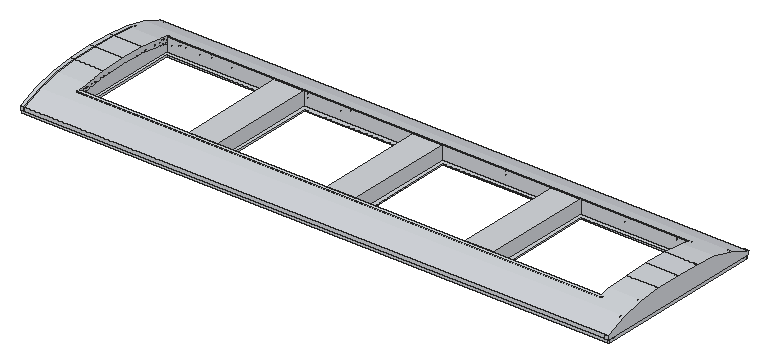
Revit family "Gira_0214766", category Electrical Fixtures, host Face, Revit 2017
Family settings
  Host = Face
  Maintain Annotation Orientation = No
  Round Connector Dimension = Use Diameter
  Part Type = Normal
  Cut with Voids When Loaded = No
  Shared = No
  Room Calculation Point = No
Parameters (values of type "Cov.fr. 4-g interm.fr. CAl Gira Event Clear brown")
  With mounting grid = "No"
  With hinged lid = "No"
  URL = "http://katalog.gira.de/en/datenblatt.html?artikelnr=0214766"
  Type of fastening = "Clamp mounting"
  Transparent = "No"
  Surface protection = "Other"
  Surface finishing = "Glossy"
  Suitable for wall duct = "No"
  Suitable for flush-mounted installation = "No"
  Suitable for floor box = "No"
  Suitable for built-in installation = "No"
  Number of units vertical = "4"
  Number of units horizontal = "4"
  Number of units = "4"
  Name = "Cov.fr. 4-g interm.fr. CAl Gira Event Clear brown"
  Mounting direction = "Horizontal and vertical"
  Material quality = "Thermoplastic"
  Material = "Plastic"
  Manufacturer URL = "https://www.gira.de/"
  Manufacturer = "Gira"
  Label space/information surface = "No"
  Keynote = ""
  HeinzeBIM = "https://bimportal.heinze.de/bim/cov-fr-4-g-interm-fr-cal-gira-event-clear-brown/711ea81caee62efc1ae1d94aaae11a31dcac5d01"
  Halogen free = "Yes"
  HAN = "0214766"
  GTIN = "4010337069423"
  Description = "Cov.fr.4g i.fr.CAl EvCl BN,Gira Event Clear cover frame,brown with colour aluminium intermediate frame,4-gang,Features:,- Shatter-proof."
  Degree of protection (IP) = "IP20"
  Default Elevation = 1219.2 mm
  Data sheet (1) = "https://katalog.gira.de/en/download.html?artikelnr=0214766"
  Colour = "Brown"
  Category = "Cover frame for domestic switching devices"
  BIM (1) = "https://media.stage.bim.site/public/gira/36a6b08/Event_Rahmen_4fach.rfa"
  Available = "No"
Reference planes
  plane 1 "Center (Front/Back)": y = 0
  plane 2: z = 0
  plane 3 "Center (Left/Right)": x = 0
Forms (mm)
  Extrusion 1, solid, detail levels fine
    sketch origin (0, 0, 0.05) x (0, 1, 0) y (0, 0, 1)
      loop
        arc (12.445, 9.683) -> (6.223, 9.833) -> (0, 9.85) r 291.636
        arc (0, 9.85) -> (-6.223, 9.833) -> (-12.445, 9.683) r 291.636
        arc (-12.445, 9.683) -> (-29.14, 7.482) -> (-45, 1.823) r 79.728
        line (-45, 1.823) -> (-45, -0.05) -> (-42.086, -0.05)
        arc (-42.086, -0.05) -> (-21.385, 5.559) -> (0, 7.206) r 114.424
        arc (0, 7.206) -> (21.385, 5.559) -> (42.086, -0.05) r 114.424
        line (42.086, -0.05) -> (45, -0.05) -> (45, 1.823)
        arc (45, 1.823) -> (29.14, 7.482) -> (12.445, 9.683) r 79.728
    from -151.95 to 151.935
  Extrusion 2, void, detail levels fine
    sketch origin (0, 0, 0) x (1, 0, 0) y (0, 1, 0)
      loop
        line (134.95, 28.035) -> (-134.95, 28.035) -> (-134.95, -28.035) -> (134.95, -28.035) -> (134.95, 28.035)
    from 0.724 to 11
  Extrusion 3, solid, detail levels coarse
    sketch origin (0, 0, 0) x (1, 0, 0) y (0, 1, 0)
      loop
        line (-151.95, 45) -> (-151.95, -45) -> (151.935, -45) -> (151.935, 45) -> (-151.95, 45)
    from -1.5 to 9.9
  Extrusion 4, solid, detail levels medium
    sketch origin (0, 0, 0.05) x (0, 1, 0) y (0, 0, 1)
      loop
        arc (12.445, 9.683) -> (6.223, 9.833) -> (0, 9.85) r 291.636
        arc (0, 9.85) -> (-6.223, 9.833) -> (-12.445, 9.683) r 291.636
        arc (-12.445, 9.683) -> (-29.14, 7.482) -> (-45, 1.823) r 79.728
        line (-45, 1.823) -> (-45, -0.05) -> (45, -0.05) -> (45, 1.823)
        arc (45, 1.823) -> (29.14, 7.482) -> (12.445, 9.683) r 79.728
    from -151.95 to 151.935
  Extrusion 5, solid, detail levels fine
    sketch origin (-106.95, 0, -1.5) x (0, 1, 0) y (0, 0, -1)
      loop
        line (45, -3.373) -> (45, -1.5) -> (-45, -1.5) -> (-45, -3.373)
        arc (-45, -3.373) -> (-29.14, -9.032) -> (-12.445, -11.233) r 79.728
        arc (-12.445, -11.233) -> (-6.223, -11.383) -> (0, -11.4) r 291.636
        arc (0, -11.4) -> (6.223, -11.383) -> (12.445, -11.233) r 291.636
        arc (12.445, -11.233) -> (29.14, -9.032) -> (45, -3.373) r 79.728
    from 43 to 45
  Extrusion 6, solid, detail levels fine
    sketch origin (0, 0, 0) x (1, 0, 0) y (0, 1, 0)
      loop
        line (-132.85, 25.7) -> (-132.85, -25.7) -> (-81.05, -25.7) -> (-81.05, 25.7) -> (-132.85, 25.7)
      loop
        line (-9.755, -25.7) -> (-9.755, 25.7) -> (-61.555, 25.7) -> (-61.555, -25.7) -> (-9.755, -25.7)
      loop
        line (-135.845, 28.49) -> (-135.845, -28.495)
        spline (-135.845, -28.495) -> (-135.836, -28.625) -> (-135.811, -28.754) -> (-135.769, -28.878) -> (-135.711, -28.995) -> (-135.638, -29.104) -> (-135.552, -29.202) -> (-135.454, -29.288) -> (-135.345, -29.361) -> (-135.228, -29.419) -> (-135.104, -29.461) -> (-134.975, -29.486) -> (-134.845, -29.495)
        line (-134.845, -29.495) -> (134.845, -29.495)
        spline (134.845, -29.495) -> (134.975, -29.486) -> (135.104, -29.461) -> (135.228, -29.419) -> (135.345, -29.361) -> (135.454, -29.288) -> (135.552, -29.202) -> (135.638, -29.104) -> (135.711, -28.995) -> (135.769, -28.878) -> (135.811, -28.754) -> (135.836, -28.625) -> (135.845, -28.495)
        line (135.845, -28.495) -> (135.845, 28.49)
        spline (135.845, 28.49) -> (135.836, 28.62) -> (135.811, 28.748) -> (135.769, 28.872) -> (135.711, 28.99) -> (135.638, 29.098) -> (135.552, 29.197) -> (135.454, 29.283) -> (135.345, 29.356) -> (135.228, 29.413) -> (135.104, 29.456) -> (134.975, 29.481) -> (134.845, 29.49)
        line (134.845, 29.49) -> (-134.845, 29.49)
        spline (-134.845, 29.49) -> (-134.975, 29.481) -> (-135.104, 29.456) -> (-135.228, 29.413) -> (-135.345, 29.356) -> (-135.454, 29.283) -> (-135.552, 29.197) -> (-135.638, 29.098) -> (-135.711, 28.99) -> (-135.769, 28.872) -> (-135.811, 28.748) -> (-135.836, 28.62) -> (-135.845, 28.49)
      loop
        line (61.545, -25.7) -> (61.545, 25.7) -> (9.745, 25.7) -> (9.745, -25.7) -> (61.545, -25.7)
      loop
        line (132.85, -25.7) -> (132.85, 25.7) -> (81.05, 25.7) -> (81.05, -25.7) -> (132.85, -25.7)
    from 0.1 to 7.3
  Extrusion 7, solid
    sketch origin (0, 0, 0) x (1, 0, 0) y (0, 1, 0)
      loop
        arc (-151.65, -44.218) -> (-151.504, -44.572) -> (-151.15, -44.718) r 0.5
        line (-151.15, -44.718) -> (151.15, -44.718)
        arc (151.15, -44.718) -> (151.504, -44.572) -> (151.65, -44.218) r 0.5
        line (151.65, -44.218) -> (151.65, 44.182)
        arc (151.65, 44.182) -> (151.504, 44.535) -> (151.15, 44.682) r 0.5
        line (151.15, 44.682) -> (-151.15, 44.682)
        arc (-151.15, 44.682) -> (-151.504, 44.535) -> (-151.65, 44.182) r 0.5
        line (-151.65, 44.182) -> (-151.65, -44.218)
      loop
        line (-149.95, 42.982) -> (-149.95, -43.018) -> (149.95, -43.018) -> (149.95, 42.982) -> (-149.95, 42.982)
    from -1.5 to 0.5
  Extrusion 8, solid, detail levels fine
    sketch origin (106.935, 0, -1.5) x (0, 1, 0) y (0, 0, 1)
      loop
        arc (45, 3.373) -> (29.14, 9.032) -> (12.445, 11.233) r 79.728
        arc (12.445, 11.233) -> (6.223, 11.383) -> (0, 11.4) r 291.636
        arc (0, 11.4) -> (-6.223, 11.383) -> (-12.445, 11.233) r 291.636
        arc (-12.445, 11.233) -> (-29.14, 9.032) -> (-45, 3.373) r 79.728
        line (-45, 3.373) -> (-45, 1.5) -> (45, 1.5) -> (45, 3.373)
    from 43 to 45
  Extrusion 9, solid, detail levels medium
    sketch origin (0, 0, 0) x (1, 0, 0) y (0, 1, 0)
      loop
        line (-151.65, -44.718) -> (151.65, -44.718) -> (151.65, 44.682) -> (-151.65, 44.682) -> (-151.65, -44.718)
    from -1.5 to 0.5
  Extrusion 10, solid, detail levels fine
    sketch origin (-69.857, 0, 0) x (1, 0, 0) y (0, 1, 0)
      loop
        line (-8.943, 28.063) -> (-8.943, -27.937) -> (6.057, -27.937) -> (6.057, 28.063) -> (-8.943, 28.063)
    from 0.724 to 7.566
  Extrusion 11, solid, detail levels fine
    sketch origin (-1.443, 0, 0) x (-1, 0, 0) y (0, -1, 0)
      loop
        line (-8.943, -28.063) -> (6.057, -28.063) -> (6.057, 27.937) -> (-8.943, 27.937) -> (-8.943, -28.063)
    from 0.724 to 7.566
  Extrusion 12, solid, detail levels fine
    sketch origin (69.857, 0, 0) x (-1, 0, 0) y (0, -1, 0)
      loop
        line (-8.943, -28.063) -> (6.057, -28.063) -> (6.057, 27.937) -> (-8.943, 27.937) -> (-8.943, -28.063)
    from 0.724 to 7.566
Cuts and joins
  Extrusion 2 cuts Extrusion 1
  Extrusion 2 cuts Extrusion 6
Dimensions and locks
  aligned and locked: plane 2 to host face
  aligned and locked: level to host face
